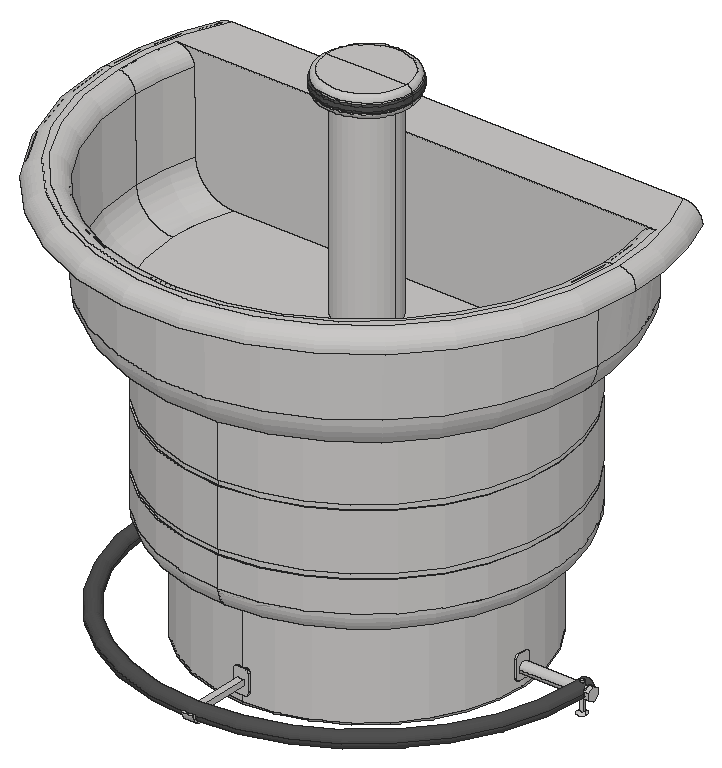
Revit family "Washfountain_Lavatory-Bradley_Corp-WF2703-Type_O_Drain", category Plumbing Fixtures, Revit 2012 (continued)
Lines and regions (in)
  symbolic lines, detail levels medium+fine
    curve 176: arc (-12.38828, -6.27314, 28) -> (0.21261, -20.22419, 28) -> (12.33075, -5.85182, 28) r 12.476
    curve 177: arc (-11.60696, -5.4365, 28) -> (-12.17933, -5.68512, 28) -> (-12.38828, -6.27314, 28) r 0.78315
    curve 178: arc (12.36654, -6.02898, 28) -> (12.08862, -5.60213, 28) -> (11.60696, -5.4365, 28) r 0.78315
    curve 179: line (-11.60696, -5.4365, 28) -> (11.60696, -5.4365, 28)
    curve 189: circle (0, -7.6967, 33.875) r 2.75 normal (0, 0, 1)
  symbolic lines, visible <- "Sensor Module"
    curve 41: line (-1.99987, -7.6967, 34.53462) -> (1.99987, -7.6967, 34.53462)
    curve 57: line (0, -5.6967, 34.53462) -> (0, -9.69657, 34.53462)
  symbolic lines, visible <- "Sensor Module", detail levels fine
    curve 42: line (-4.49987, -7.6967, 36.80962) -> (4.49987, -7.6967, 36.80962)
    curve 59: line (0, -3.1967, 36.80962) -> (0, -12.1967, 36.80962)
  symbolic lines, visible <- "Sensor Module", detail levels medium
    curve 43: line (-4.57537, -7.6967, 35.36012) -> (4.57537, -7.6967, 35.36012)
    curve 58: line (0, -3.12133, 35.36012) -> (0, -12.27207, 35.36012)
  symbolic lines, visible <- "Soap Dispenser", detail levels medium+fine
    curve 44: line (-6.13971, -7.6967, 41.37453) -> (6.13971, -7.6967, 41.37453)
    curve 60: line (0, -13.83546, 41.37453) -> (0, -5.4467, 41.37453)
    curve 185: line (-4.15684, -5.4467, 42.375) -> (-4.15684, -7.6967, 42.375)
    curve 186: arc (4.15684, -7.6967, 42.375) -> (0, -11.85353, 42.375) -> (-4.15684, -7.6967, 42.375) r 4.15684
    curve 187: line (4.15684, -5.4467, 42.375) -> (4.15684, -7.6967, 42.375)
  symbolic lines, visible <- "Soap Dispenser", detail levels fine
    curve 45: line (6.13971, -7.6967, 41.99971) -> (-6.13971, -7.6967, 41.99971)
    curve 46: line (-5.98301, -7.6967, 40.73265) -> (5.98301, -7.6967, 40.73265)
    curve 47: line (5.93039, -7.6967, 39.48265) -> (-5.93039, -7.6967, 39.48265)
    curve 48: line (-5.87777, -7.6967, 38.23265) -> (5.87777, -7.6967, 38.23265)
    curve 49: line (5.81, -7.6967, 36.98265) -> (-5.81, -7.6967, 36.98265)
    curve 61: line (0, -13.83546, 41.99971) -> (0, -5.4467, 41.99971)
    curve 62: line (0, -13.67876, 40.73265) -> (0, -5.4467, 40.73265)
    curve 63: line (0, -13.62614, 39.48265) -> (0, -5.4467, 39.48265)
    curve 64: line (0, -13.57352, 38.23265) -> (0, -5.4467, 38.23265)
    curve 65: line (0, -13.50574, 36.98265) -> (0, -5.4467, 36.98265)
  model lines, visible <- "Towel Dispenser", detail levels fine
    curve 79: spline (-9.02868, -6.55856, 48.62502) -> (-8.93498, -6.72086, 51.66615) -> (-8.66025, -7.1967, 54.50002) -> (-8.22323, -7.95365, 56.93353) -> (-7.65368, -8.94013, 58.80082) -> (-6.99044, -10.08891, 59.97465) -> (-6.27868, -11.3217, 60.37502) -> (-5.56693, -12.55449, 59.97465) -> (-4.90368, -13.70327, 58.80082) -> (-4.33414, -14.68975, 56.93353) -> (-3.89711, -15.4467, 54.50002) -> (-3.62239, -15.92254, 51.66615) -> (-3.52868, -16.08484, 48.62502)
    curve 80: spline (3.52868, -16.08484, 48.62502) -> (3.62239, -15.92254, 51.66615) -> (3.89711, -15.4467, 54.50002) -> (4.33414, -14.68975, 56.93353) -> (4.90368, -13.70327, 58.80082) -> (5.56693, -12.55449, 59.97465) -> (6.27868, -11.3217, 60.37502) -> (6.99044, -10.08891, 59.97465) -> (7.65368, -8.94013, 58.80082) -> (8.22323, -7.95365, 56.93353) -> (8.66025, -7.1967, 54.50002) -> (8.93498, -6.72086, 51.66615) -> (9.02868, -6.55856, 48.62502)
    curve 81: spline (4.50718, -14.39003, 51.22702) -> (4.52698, -14.35573, 51.2611) -> (4.54543, -14.32377, 51.361) -> (4.56128, -14.29633, 51.51992) -> (4.57344, -14.27528, 51.72702) -> (4.58108, -14.26204, 51.9682) -> (4.58368, -14.25752, 52.22702) -> (4.58108, -14.26204, 52.48584) -> (4.57344, -14.27528, 52.72702) -> (4.56128, -14.29633, 52.93413) -> (4.54543, -14.32377, 53.09305) -> (4.52698, -14.35573, 53.19295) -> (4.50718, -14.39003, 53.22702) -> (4.48738, -14.42432, 53.19295) -> (4.46893, -14.45628, 53.09305) -> (4.45309, -14.48372, 52.93413) -> (4.44093, -14.50478, 52.72702) -> (4.43329, -14.51801, 52.48584) -> (4.43068, -14.52253, 52.22702) -> (4.43329, -14.51801, 51.9682) -> (4.44093, -14.50478, 51.72702) -> (4.45309, -14.48372, 51.51992) -> (4.46893, -14.45628, 51.361) -> (4.48738, -14.42432, 51.2611) -> (4.50718, -14.39003, 51.22702)
    curve 82: spline (-8.05018, -8.25337, 51.22702) -> (-8.03038, -8.28766, 51.2611) -> (-8.01193, -8.31962, 51.361) -> (-7.99609, -8.34706, 51.51992) -> (-7.98393, -8.36812, 51.72702) -> (-7.97629, -8.38136, 51.9682) -> (-7.97368, -8.38587, 52.22702) -> (-7.97629, -8.38136, 52.48584) -> (-7.98393, -8.36812, 52.72702) -> (-7.99609, -8.34706, 52.93413) -> (-8.01193, -8.31962, 53.09305) -> (-8.03038, -8.28766, 53.19295) -> (-8.05018, -8.25337, 53.22702) -> (-8.06998, -8.21907, 53.19295) -> (-8.08843, -8.18712, 53.09305) -> (-8.10428, -8.15968, 52.93413) -> (-8.11644, -8.13862, 52.72702) -> (-8.12408, -8.12538, 52.48584) -> (-8.12668, -8.12087, 52.22702) -> (-8.12408, -8.12538, 51.9682) -> (-8.11644, -8.13862, 51.72702) -> (-8.10428, -8.15968, 51.51992) -> (-8.08843, -8.18712, 51.361) -> (-8.06998, -8.21907, 51.2611) -> (-8.05018, -8.25337, 51.22702)
  symbolic lines, visible <- "Towel Dispenser"
    curve 83: line (-2, -26.03001, 62.563) -> (2, -26.03001, 62.563)
    curve 84: line (-9.02868, -26.03001, 61.87567) -> (-3.52868, -26.03001, 61.87567)
    curve 85: line (-3.52868, -26.03001, 61.87567) -> (-0.06458, -26.03001, 62.563)
    curve 86: line (0.06458, -26.03001, 62.563) -> (3.52868, -26.03001, 61.87567)
    curve 87: line (3.52868, -26.03001, 61.87567) -> (9.02868, -26.03001, 61.87567)
    curve 88: line (3.52868, -26.03001, 61.87567) -> (3.52868, -26.03001, 48.62502)
    curve 89: line (3.52868, -26.03001, 48.62502) -> (9.02868, -26.03001, 48.62502)
    curve 90: line (3.52868, -26.03001, 48.62502) -> (1.58013, -26.03001, 47.25)
    curve 91: line (0.06458, -26.03001, 47.25) -> (0.06458, -26.03001, 62.563)
    curve 92: line (-0.06458, -26.03001, 62.563) -> (-0.06458, -26.03001, 47.25)
    curve 93: line (-9.02868, -26.03001, 48.62502) -> (-3.52868, -26.03001, 48.62502)
    curve 94: line (-3.52868, -26.03001, 48.62502) -> (-1.58013, -26.03001, 47.25)
    curve 95: line (-3.52868, -26.03001, 48.62502) -> (-3.52868, -26.03001, 61.87567)
    curve 108: line (0, -4.4467, 62.563) -> (0, -4.4467, 47.25)
    curve 109: line (0, -4.55856, 62.563) -> (0, -4.55856, 47.25)
    curve 110: line (0, -6.55856, 61.87567) -> (0, -4.55856, 62.563)
    curve 111: line (0, -6.55856, 48.62502) -> (0, -6.55856, 61.87567)
    curve 112: line (0, -6.55856, 61.87567) -> (0, -16.08484, 61.87567)
    curve 113: line (0, -5.6967, 62.563) -> (0, -9.6967, 62.563)
    curve 116: line (0, -5.43356, 47.25) -> (0, -6.55856, 48.62502)
    curve 117: line (0, -6.55856, 48.62502) -> (0, -16.08484, 48.62502)
    curve 123: line (-5.56458, 0, 62.563) -> (-5.56458, 0, 47.25)
    curve 124: line (5.56458, 0, 62.563) -> (5.56458, 0, 47.25)
    curve 125: line (-5.56458, 0, 61.87567) -> (5.56458, 0, 61.87567)
    curve 126: line (-5.56458, 0, 61.37567) -> (5.56458, 0, 61.37567)
    curve 127: line (-5.56458, 0, 48.8286) -> (5.56458, 0, 48.8286)
    curve 128: line (-5.56458, 0, 48.3286) -> (5.56458, 0, 48.3286)
    curve 129: line (-2, 0, 47.25) -> (-2, 0, 48.3286)
    curve 130: line (2.00013, 0, 47.25) -> (2.00013, 0, 48.3286)
    curve 131: line (2, 0, 48.8286) -> (2, 0, 61.37567)
    curve 132: line (2, 0, 61.87567) -> (2, 0, 62.563)
    curve 133: line (-2, 0, 62.563) -> (-2, 0, 61.87567)
    curve 134: line (-2, 0, 61.37567) -> (-2, 0, 48.8286)
    curve 135: line (-2, -26.03001, 47.25) -> (2.00013, -26.03001, 47.25)
    curve 181: line (-0.06458, -14.08484, 47.25) -> (-5.56458, -4.55856, 47.25)
    curve 182: line (5.56458, -4.55856, 47.25) -> (0.06458, -14.08484, 47.25)
    curve 184: circle (0, -7.6967, 47.25) r 2 normal (0, 0, 1)
  symbolic lines, visible <- "Towel Dispenser", detail levels fine
    curve 96: spline (-9.02868, -26.03001, 48.62502) -> (-8.93498, -26.03001, 51.66615) -> (-8.66025, -26.03001, 54.50002) -> (-8.22323, -26.03001, 56.93353) -> (-7.65368, -26.03001, 58.80082) -> (-6.99044, -26.03001, 59.97465) -> (-6.27868, -26.03001, 60.37502) -> (-5.56693, -26.03001, 59.97465) -> (-4.90368, -26.03001, 58.80082) -> (-4.33414, -26.03001, 56.93353) -> (-3.89711, -26.03001, 54.50002) -> (-3.62239, -26.03001, 51.66615) -> (-3.52868, -26.03001, 48.62502)
    curve 97: spline (3.52868, -26.03001, 48.62502) -> (3.62239, -26.03001, 51.66615) -> (3.89711, -26.03001, 54.50002) -> (4.33414, -26.03001, 56.93353) -> (4.90368, -26.03001, 58.80082) -> (5.56693, -26.03001, 59.97465) -> (6.27868, -26.03001, 60.37502) -> (6.99044, -26.03001, 59.97465) -> (7.65368, -26.03001, 58.80082) -> (8.22323, -26.03001, 56.93353) -> (8.66025, -26.03001, 54.50002) -> (8.93498, -26.03001, 51.66615) -> (9.02868, -26.03001, 48.62502)
    curve 98: spline (-8.05018, -26.03001, 51.22702) -> (-8.03038, -26.03001, 51.2611) -> (-8.01193, -26.03001, 51.361) -> (-7.99609, -26.03001, 51.51992) -> (-7.98393, -26.03001, 51.72702) -> (-7.97629, -26.03001, 51.9682) -> (-7.97368, -26.03001, 52.22702) -> (-7.97629, -26.03001, 52.48584) -> (-7.98393, -26.03001, 52.72702) -> (-7.99609, -26.03001, 52.93413) -> (-8.01193, -26.03001, 53.09305) -> (-8.03038, -26.03001, 53.19295) -> (-8.05018, -26.03001, 53.22702) -> (-8.06998, -26.03001, 53.19295) -> (-8.08843, -26.03001, 53.09305) -> (-8.10428, -26.03001, 52.93413) -> (-8.11644, -26.03001, 52.72702) -> (-8.12408, -26.03001, 52.48584) -> (-8.12668, -26.03001, 52.22702) -> (-8.12408, -26.03001, 51.9682) -> (-8.11644, -26.03001, 51.72702) -> (-8.10428, -26.03001, 51.51992) -> (-8.08843, -26.03001, 51.361) -> (-8.06998, -26.03001, 51.2611) -> (-8.05018, -26.03001, 51.22702)
    curve 99: spline (4.50718, -26.03001, 51.22702) -> (4.52698, -26.03001, 51.2611) -> (4.54543, -26.03001, 51.361) -> (4.56128, -26.03001, 51.51992) -> (4.57344, -26.03001, 51.72702) -> (4.58108, -26.03001, 51.9682) -> (4.58368, -26.03001, 52.22702) -> (4.58108, -26.03001, 52.48584) -> (4.57344, -26.03001, 52.72702) -> (4.56128, -26.03001, 52.93413) -> (4.54543, -26.03001, 53.09305) -> (4.52698, -26.03001, 53.19295) -> (4.50718, -26.03001, 53.22702) -> (4.48738, -26.03001, 53.19295) -> (4.46893, -26.03001, 53.09305) -> (4.45309, -26.03001, 52.93413) -> (4.44093, -26.03001, 52.72702) -> (4.43329, -26.03001, 52.48584) -> (4.43068, -26.03001, 52.22702) -> (4.43329, -26.03001, 51.9682) -> (4.44093, -26.03001, 51.72702) -> (4.45309, -26.03001, 51.51992) -> (4.46893, -26.03001, 51.361) -> (4.48738, -26.03001, 51.2611) -> (4.50718, -26.03001, 51.22702)
    curve 114: spline (0, -6.55856, 48.62502) -> (0, -6.72086, 51.66615) -> (0, -7.1967, 54.50002) -> (0, -7.95365, 56.93353) -> (0, -8.94013, 58.80082) -> (0, -10.08891, 59.97465) -> (0, -11.3217, 60.37502) -> (0, -12.55449, 59.97465) -> (0, -13.70327, 58.80082) -> (0, -14.68975, 56.93353) -> (0, -15.4467, 54.50002) -> (0, -15.92254, 51.66615) -> (0, -16.08484, 48.62502)
    curve 115: spline (0, -14.39003, 51.22702) -> (0, -14.35573, 51.2611) -> (0, -14.32377, 51.361) -> (0, -14.29633, 51.51992) -> (0, -14.27528, 51.72702) -> (0, -14.26204, 51.9682) -> (0, -14.25752, 52.22702) -> (0, -14.26204, 52.48584) -> (0, -14.27528, 52.72702) -> (0, -14.29633, 52.93413) -> (0, -14.32377, 53.09305) -> (0, -14.35573, 53.19295) -> (0, -14.39003, 53.22702) -> (0, -14.42432, 53.19295) -> (0, -14.45628, 53.09305) -> (0, -14.48372, 52.93413) -> (0, -14.50478, 52.72702) -> (0, -14.51801, 52.48584) -> (0, -14.52253, 52.22702) -> (0, -14.51801, 51.9682) -> (0, -14.50478, 51.72702) -> (0, -14.48372, 51.51992) -> (0, -14.45628, 51.361) -> (0, -14.42432, 51.2611) -> (0, -14.39003, 51.22702)
  symbolic lines, visible <- "Towel Dispenser", detail levels medium+fine
    curve 100: line (-7.85863, -26.03001, 48.3286) -> (-3.85863, -26.03001, 48.3286)
    curve 101: spline (-3.85863, -26.03001, 48.3286) -> (-3.74268, -26.03001, 48.31528) -> (-3.59687, -26.03001, 48.27621) -> (-3.43113, -26.03001, 48.21406) -> (-3.25676, -26.03001, 48.13306) -> (-3.08563, -26.03001, 48.03873) -> (-2.92941, -26.03001, 47.93751) -> (-2.79874, -26.03001, 47.83629) -> (-2.70254, -26.03001, 47.74197) -> (-2.64735, -26.03001, 47.66097) -> (-2.63694, -26.03001, 47.59882) -> (-2.67201, -26.03001, 47.55975) -> (-2.75019, -26.03001, 47.54642)
    curve 102: line (-2.75019, -26.03001, 47.54642) -> (-6.75019, -26.03001, 47.54642)
    curve 103: spline (-6.75019, -26.03001, 47.54642) -> (-6.86613, -26.03001, 47.55975) -> (-7.01194, -26.03001, 47.59882) -> (-7.17768, -26.03001, 47.66097) -> (-7.35206, -26.03001, 47.74197) -> (-7.52319, -26.03001, 47.83629) -> (-7.67941, -26.03001, 47.93751) -> (-7.81007, -26.03001, 48.03873) -> (-7.90628, -26.03001, 48.13306) -> (-7.96146, -26.03001, 48.21406) -> (-7.97187, -26.03001, 48.27621) -> (-7.9368, -26.03001, 48.31528) -> (-7.85863, -26.03001, 48.3286)
    curve 104: line (7.85863, -26.03001, 48.3286) -> (3.85863, -26.03001, 48.3286)
    curve 105: spline (3.85863, -26.03001, 48.3286) -> (3.74268, -26.03001, 48.31528) -> (3.59687, -26.03001, 48.27621) -> (3.43113, -26.03001, 48.21406) -> (3.25676, -26.03001, 48.13306) -> (3.08563, -26.03001, 48.03873) -> (2.92941, -26.03001, 47.93751) -> (2.79874, -26.03001, 47.83629) -> (2.70254, -26.03001, 47.74197) -> (2.64735, -26.03001, 47.66097) -> (2.63694, -26.03001, 47.59882) -> (2.67201, -26.03001, 47.55975) -> (2.75019, -26.03001, 47.54642)
    curve 106: line (2.75019, -26.03001, 47.54642) -> (6.75019, -26.03001, 47.54642)
    curve 107: spline (6.75019, -26.03001, 47.54642) -> (6.86613, -26.03001, 47.55975) -> (7.01194, -26.03001, 47.59882) -> (7.17768, -26.03001, 47.66097) -> (7.35206, -26.03001, 47.74197) -> (7.52319, -26.03001, 47.83629) -> (7.67941, -26.03001, 47.93751) -> (7.81007, -26.03001, 48.03873) -> (7.90628, -26.03001, 48.13306) -> (7.96146, -26.03001, 48.21406) -> (7.97187, -26.03001, 48.27621) -> (7.9368, -26.03001, 48.31528) -> (7.85863, -26.03001, 48.3286)
    curve 118: spline (0, -7.61507, 48.3286) -> (0, -7.43606, 48.31528) -> (0, -7.24745, 48.27621) -> (0, -7.06208, 48.21406) -> (0, -6.89258, 48.13306) -> (0, -6.75052, 48.03873) -> (0, -6.64558, 47.93751) -> (0, -6.58489, 47.83629) -> (0, -6.57261, 47.74197) -> (0, -6.60956, 47.66097) -> (0, -6.69323, 47.59882) -> (0, -6.81791, 47.55975) -> (0, -6.97512, 47.54642)
    curve 119: line (0, -6.97512, 47.54642) -> (0, -13.90332, 47.54642)
    curve 120: spline (0, -13.90332, 47.54642) -> (0, -14.08233, 47.55975) -> (0, -14.27095, 47.59882) -> (0, -14.45632, 47.66097) -> (0, -14.62581, 47.74197) -> (0, -14.76787, 47.83629) -> (0, -14.87282, 47.93751) -> (0, -14.9335, 48.03873) -> (0, -14.94579, 48.13306) -> (0, -14.90884, 48.21406) -> (0, -14.82517, 48.27621) -> (0, -14.70048, 48.31528) -> (0, -14.54328, 48.3286)
    curve 121: line (0, -14.54328, 48.3286) -> (0, -7.61507, 48.3286)
    curve 180: line (-7.08013, -5.43356, 47.25) -> (-1.58013, -14.95984, 47.25)
    curve 183: line (1.58013, -14.95984, 47.25) -> (7.08013, -5.43356, 47.25)
  model lines, detail levels medium+fine
    curve 137: circle (4, -7.6967, 19.06097) r 1.25 normal (0, 0, 1)
    curve 193: circle (4, -7.6967, 19.12) r 1.25 normal (0, 0, 1)
  symbolic lines, visible <- "Foot Control Valve", detail levels fine
    curve 155: line (0, -7.5767, 0.1445) -> (0, -7.8167, 0.1445)
    curve 156: circle (0, -7.75001, 1.425) r 0.36122 normal (1, 0, 0)
    curve 157: line (0, -7.5767, 1.99999) -> (0, -7.8167, 1.99999)
    curve 158: line (0, -7.8167, 1.99999) -> (0, -7.8167, 1.9244)
    curve 159: line (0, -7.5767, 1.99999) -> (0, -7.5767, 1.9244)
    curve 160: line (0, -7.5767, 0.67154) -> (0, -7.5767, 0.92558)
    curve 161: line (0, -7.8167, 0.67154) -> (0, -7.8167, 0.92558)
    curve 164: line (-15.01563, 0, 1.7965) -> (-15.01563, 0, 1.0535)
    curve 165: line (-15.32813, 0, 1.63949) -> (-15.01563, 0, 1.63949)
    curve 166: line (-15.32813, 0, 1.21051) -> (-15.01563, 0, 1.21051)
    curve 167: line (-14.69813, 0, 0.1445) -> (-14.45813, 0, 0.1445)
    curve 168: line (15.04349, 0, 1.63948) -> (15.37923, 0, 1.63948)
    curve 169: line (15.04349, 0, 1.79649) -> (15.04349, 0, 1.05349)
    curve 170: line (15.04349, 0, 1.21051) -> (15.37923, 0, 1.21051)
    curve 171: line (14.45813, 0, 0.1445) -> (14.69813, 0, 0.1445)
    curve 190: line (-0.40046, -27.53001, 0.92558) -> (-0.40046, -27.53001, 0.82558)
    curve 191: line (-0.40046, -27.53001, 0.82558) -> (0.4, -27.53001, 0.82558)
    curve 192: line (0.4, -27.53001, 0.82558) -> (0.4, -27.53001, 0.92558)
  symbolic lines, visible <- "Foot Control Valve", detail levels coarse+medium
    curve 162: line (-0.40046, -26.03001, 0.92558) -> (0.4, -26.03001, 0.92558)
  symbolic lines, visible <- "Sensor Module", detail levels medium+fine
    curve 188: circle (0, -7.6967, 37.375) r 3.75 normal (0, 0, 1)
  symbolic lines, visible <- "Button Visibility"
    curve 196: circle (0, -27.53001, 36.08487) r 0.5 normal (0, -1, 0)
Dimensions and locks (in)
  equal spacing: plane 4 "Left", plane 3 "Center (Left/Right)", plane 5 "Right"
  "Width": plane 4 "Left" to plane 5 "Right"
  "Towel Dispenser Height": plane 6 "Towel Dispenser" to plane 2
  "Soap Dispenser Height": plane 7 "Soap Dispenser" to plane 2
  "Sensor Module Height": plane 8 "Sensor Module" to plane 2
  "Spray Head Height": plane 9 "Spray Head" to plane 2
  "Rim Height": plane 10 "Rim Height" to plane 2
  "Pedestal Height": plane 11 "Pedestal Height" to plane 2
  locked: plane 9 "Spray Head" to Revolve 7 sketch curve at 1.38963
  locked: plane 9 "Spray Head" to Revolve 8 sketch curve at 1.38963
  locked: plane 9 "Spray Head" to Masking region 1 sketch curve at 1.38963  (x2)
  locked: plane 9 "Spray Head" to Masking region 2 sketch curve at 1.38963  (x2)
  locked: plane 8 "Sensor Module" to Revolve 9 sketch curve at 2.84038
  locked: plane 8 "Sensor Module" to Revolve 10 sketch curve at 2.84038
  locked: plane 8 "Sensor Module" to Masking region 3 sketch curve at 2.84038  (x2)
  locked: plane 8 "Sensor Module" to Masking region 4 sketch curve at 2.84038  (x2)
  locked: plane 7 "Soap Dispenser" to plane 13 at 6
  locked: plane 8 "Sensor Module" to Masking region 10 sketch curve at 2.84038  (x2)
  locked: plane 8 "Sensor Module" to Masking region 9 sketch curve at 2.84038  (x2)
  locked: plane 14 "Front" to plane 1 "Center (Front/Back)" at 26.03001
  locked: curve 76 to Extrusion 16 sketch curve at 15.313
  locked: curve 76 to Extrusion 16 sketch curve at 15.16279
  locked: Extrusion 16 sketch curve to curve 76 at 4
  locked: Extrusion 16 sketch curve to Extrusion 16 sketch curve at 1.37502
  locked: curve 77 to Extrusion 17 sketch curve at 4
  locked: curve 77 to Extrusion 17 sketch curve at 15.313
  locked: curve 77 to Extrusion 17 sketch curve at 15.16279
  locked: Extrusion 17 sketch curve to Extrusion 17 sketch curve at 1.37502
  locked: Extrusion 19 to Extrusion 16 at 1
  "Towel Dispenser Holder": plane 6 "Towel Dispenser" to Extrusion 19
  "Soap Dispenser Holder": plane 13 to Extrusion 20
  "Towel Dispenser Holder": plane 6 "Towel Dispenser" to Masking region 21
  "Soap Dispenser Holder": plane 13 to Masking region 22
  "Towel Dispenser Holder": plane 6 "Towel Dispenser" to Masking region 24
  "Soap Dispenser Holder": Masking region 23 to plane 13
  locked: Extrusion 36 sketch curve to plane 1 "Center (Front/Back)" at 7.75
  locked: Extrusion 36 to plane 2 at 3
  locked: plane 1 "Center (Front/Back)" to Extrusion 37 at 3
  "Supply Height": Extrusion 35 to plane 2
  locked: plane 7 "Soap Dispenser" to Revolve 12 sketch curve at 1.00047
  locked: plane 7 "Soap Dispenser" to Extrusion 14 sketch curve at 1.00047
  locked: plane 7 "Soap Dispenser" to Revolve 39 sketch curve at 1.00047
  locked: plane 7 "Soap Dispenser" to Extrusion 40 sketch curve at 1.00047
  locked: plane 8 "Sensor Module" to Extrusion 41 sketch curve at 1.29013
  locked: plane 8 "Sensor Module" to Extrusion 42 sketch curve at 1.29013
  locked: plane 8 "Sensor Module" to curve 196 at 1.29013
  Extrusion 35 sketch curve to plane 3 "Center (Left/Right)" to Extrusion 35 sketch curve = 0.875" locked, 0.875" locked
  locked: Extrusion 35 sketch curve to plane 1 "Center (Front/Back)" at 6.5  (x2)
  locked: plane 3 "Center (Left/Right)" to Extrusion 36 sketch curve at 4
  locked: Extrusion 46 sketch curve to plane 3 "Center (Left/Right)" at 4
  "Drain Height": Extrusion 46 sketch curve to plane 2
  locked: plane 1 "Center (Front/Back)" to Extrusion 46 at 3
  radius of Extrusion 19 sketch curve = 2.000"
  radius of Extrusion 20 sketch curve = 2.000"
  "Drain Primary Radius": radius of Extrusion 36 sketch curve
  "Hot Lavatory Inlet Radius": radius of Extrusion 35 sketch curve
  "Cold Lavatory Inlet Radius": radius of Extrusion 35 sketch curve
  "Drain Primary Radius": radius of Extrusion 46 sketch curve
  aligned and locked: Extrusion 2 sketch curve to plane 1 "Center (Front/Back)"
  aligned and locked: Extrusion 2 to plane 2
  aligned and locked: plane 9 "Spray Head" to Extrusion 2
  aligned and locked: plane 12 to Revolve 4 sketch curve
  aligned and locked: plane 12 to Revolve 5 sketch curve
  aligned and locked: plane 12 to Revolve 6 sketch curve
  aligned and locked: Revolve 7 sketch curve to plane 3 "Center (Left/Right)"
  aligned and locked: Revolve 8 sketch curve to plane 3 "Center (Left/Right)"
  aligned and locked: plane 11 "Pedestal Height" to Revolve 7 sketch curve
  aligned and locked: Revolve 7 sketch curve to plane 9 "Spray Head"
  aligned and locked: Revolve 8 sketch curve to plane 11 "Pedestal Height"
  aligned and locked: Masking region 1 sketch curve to plane 10 "Rim Height"
  aligned and locked: Masking region 2 sketch curve to plane 10 "Rim Height"
  aligned and locked: Masking region 2 sketch curve to plane 9 "Spray Head"
  aligned and locked: Revolve 9 sketch curve to plane 8 "Sensor Module"
  aligned and locked: Revolve 9 sketch curve to plane 9 "Spray Head"
  aligned and locked: Revolve 9 sketch curve to plane 3 "Center (Left/Right)"
  aligned and locked: Revolve 10 sketch curve to plane 3 "Center (Left/Right)"
  aligned and locked: Revolve 10 sketch curve to plane 9 "Spray Head"
  aligned and locked: Masking region 3 sketch curve to plane 9 "Spray Head"
  aligned and locked: Masking region 4 sketch curve to plane 9 "Spray Head"
  aligned and locked: Masking region 4 sketch curve to plane 8 "Sensor Module"
  aligned and locked: Revolve 11 sketch curve to plane 7 "Soap Dispenser"
  aligned and locked: plane 13 to Revolve 11 sketch curve
  aligned and locked: Revolve 11 sketch curve to plane 3 "Center (Left/Right)"
  aligned and locked: Revolve 12 sketch curve to plane 3 "Center (Left/Right)"
  aligned and locked: Masking region 5 sketch curve to plane 7 "Soap Dispenser"
  aligned and locked: Masking region 5 sketch curve to plane 13
  aligned and locked: Masking region 6 sketch curve to plane 7 "Soap Dispenser"
  aligned and locked: plane 13 to Masking region 6 sketch curve
  aligned and locked: Extrusion 13 sketch curve to plane 7 "Soap Dispenser"
  aligned and locked: plane 13 to Extrusion 13 sketch curve
  aligned and locked: plane 13 to Extrusion 14 sketch curve
  aligned and locked: plane 9 "Spray Head" to Masking region 9 sketch curve
  aligned and locked: Masking region 9 sketch curve to plane 8 "Sensor Module"
  aligned and locked: Masking region 10 sketch curve to plane 8 "Sensor Module"
  aligned and locked: Masking region 10 sketch curve to plane 9 "Spray Head"
  aligned and locked: Masking region 11 sketch curve to plane 10 "Rim Height"
  aligned and locked: Masking region 11 sketch curve to plane 9 "Spray Head"
  aligned and locked: Masking region 12 sketch curve to plane 10 "Rim Height"
  aligned and locked: Masking region 15 sketch curve to plane 11 "Pedestal Height"
  aligned and locked: Masking region 15 sketch curve to plane 2
  aligned and locked: Masking region 16 sketch curve to plane 11 "Pedestal Height"
  aligned and locked: Masking region 16 sketch curve to plane 2
  aligned and locked: Masking region 17 sketch curve to plane 10 "Rim Height"
  aligned and locked: Masking region 17 sketch curve to plane 11 "Pedestal Height"
  aligned and locked: Masking region 18 sketch curve to plane 10 "Rim Height"
  aligned and locked: plane 11 "Pedestal Height" to Masking region 18 sketch curve
  aligned and locked: Masking region 19 sketch curve to plane 11 "Pedestal Height"
  aligned and locked: plane 2 to Masking region 19 sketch curve
  aligned and locked: Masking region 20 sketch curve to plane 11 "Pedestal Height"
  aligned and locked: plane 2 to Masking region 20 sketch curve
  aligned and locked: plane 12 to Extrusion 15 sketch curve
  aligned and locked: plane 3 "Center (Left/Right)" to Extrusion 15 sketch curve
  aligned and locked: plane 12 to Extrusion 18 sketch curve
  aligned and locked: plane 3 "Center (Left/Right)" to Extrusion 18 sketch curve
  aligned and locked: plane 12 to Extrusion 19 sketch curve
  aligned and locked: plane 3 "Center (Left/Right)" to Extrusion 19 sketch curve
  aligned and locked: plane 12 to Extrusion 20 sketch curve
  aligned and locked: plane 3 "Center (Left/Right)" to Extrusion 20 sketch curve
  aligned and locked: Extrusion 20 to plane 13
  aligned and locked: plane 6 "Towel Dispenser" to Masking region 21
  aligned and locked: Masking region 22 to plane 13
  aligned and locked: plane 13 to Masking region 23
  aligned and locked: Masking region 24 to plane 6 "Towel Dispenser"
  aligned and locked: Extrusion 22 to plane 11 "Pedestal Height"
  aligned and locked: plane 2 to Blend 30
  aligned and locked: Blend 29 to plane 2
  aligned and locked: Blend 30 to Extrusion 28
  aligned and locked: plane 12 to Masking region 32 sketch curve
  aligned and locked: plane 3 "Center (Left/Right)" to Masking region 32 sketch curve
  aligned and locked: plane 3 "Center (Left/Right)" to curve 184
  aligned and locked: plane 12 to curve 184
  aligned and locked: plane 3 "Center (Left/Right)" to Masking region 35 sketch curve
  aligned and locked: plane 12 to Masking region 35 sketch curve
  aligned and locked: plane 12 to curve 188
  aligned and locked: plane 3 "Center (Left/Right)" to curve 188
  aligned and locked: plane 12 to Masking region 36 sketch curve
  aligned and locked: plane 3 "Center (Left/Right)" to Masking region 36 sketch curve
  aligned and locked: plane 12 to curve 189
  aligned and locked: plane 3 "Center (Left/Right)" to curve 189
  aligned and locked: Extrusion 35 to plane 2
  aligned and locked: Extrusion 36 to plane 2
  aligned and locked: Extrusion 37 to plane 1 "Center (Front/Back)"
  aligned and locked: Revolve 39 sketch curve to plane 3 "Center (Left/Right)"
  aligned and locked: plane 3 "Center (Left/Right)" to Extrusion 41 sketch curve
  aligned and locked: plane 3 "Center (Left/Right)" to Extrusion 42 sketch curve
  aligned and locked: Extrusion 41 to Masking region 9
  aligned and locked: Masking region 9 to Extrusion 42
  aligned and locked: Extrusion 42 to Masking region 10
  aligned and locked: Masking region 10 to Masking region 38 sketch curve
  aligned and locked: Masking region 38 sketch curve to Masking region 9
  aligned and locked: Sweep 1 sketch curve to plane 11 "Pedestal Height"
  aligned and locked: plane 11 "Pedestal Height" to Sweep 3 sketch curve
  aligned and locked: Masking region 15 sketch curve to cut or joined group of Extrusion 2, Revolve 4  (x5)
  aligned and locked: cut or joined group of Extrusion 2, Revolve 4 to Masking region 15 sketch curve  (x3)
  aligned and locked: cut or joined group of Extrusion 2, Revolve 4 to curve 29
  aligned and locked: cut or joined group of Extrusion 2, Revolve 4 to curve 27
  aligned and locked: cut or joined group of Extrusion 2, Revolve 4 to curve 32
  aligned and locked: cut or joined group of Extrusion 2, Revolve 4 to curve 30
  aligned and locked: cut or joined group of Extrusion 2, Revolve 4 to Masking region 20 sketch curve  (x3)
  aligned and locked: Masking region 20 sketch curve to cut or joined group of Extrusion 2, Revolve 4
  aligned and locked: cut or joined group of Extrusion 2, Revolve 4 to cut or joined group of Extrusion 2, Revolve 4  (x4)
  aligned and locked: curve 33 to cut or joined group of Extrusion 2, Sweep 3, Extrusion 22, Extrusion 43
  aligned and locked: cut or joined group of Extrusion 2, Sweep 3, Extrusion 22, Extrusion 43 to curve 24
  aligned and locked: Extrusion 46 to plane 1 "Center (Front/Back)"
Automatic sketch dimensions
  curve 163 to plane 3 "Center (Left/Right)" = 1.500"
  plane 3 "Center (Left/Right)" to curve 163 = 1.500"
  curve 163 to plane 14 "Front" = 1.500"
  curve 1 to plane 1 "Center (Front/Back)" = 0.000"
  curve 2 to plane 3 "Center (Left/Right)" = 0.000"
  plane 3 "Center (Left/Right)" to curve 1 = 3.000"
  curve 1 to plane 3 "Center (Left/Right)" = 3.000"
  curve 2 to plane 1 "Center (Front/Back)" = 3.000"
  plane 1 "Center (Front/Back)" to curve 2 = 3.000"
  curve 3 to plane 12 = 0.000"
  curve 4 to plane 3 "Center (Left/Right)" = 0.000"
  plane 3 "Center (Left/Right)" to curve 3 = 3.000"
  curve 3 to plane 3 "Center (Left/Right)" = 3.000"
  plane 12 to curve 4 = 3.000"
  curve 4 to plane 12 = 3.000"
  curve 7 to plane 12 = 0.000"
  curve 8 to plane 3 "Center (Left/Right)" = 0.000"
  plane 3 "Center (Left/Right)" to curve 7 = 3.000"
  curve 7 to plane 3 "Center (Left/Right)" = 3.000"
  plane 12 to curve 8 = 3.000"
  curve 8 to plane 12 = 3.000"
  curve 122 to plane 1 "Center (Front/Back)" = 0.000"
  curve 9 to plane 12 = 0.000"
  curve 136 to plane 14 "Front" = 0.000"
  curve 10 to plane 3 "Center (Left/Right)" = 0.000"
  plane 3 "Center (Left/Right)" to curve 77 = 0.06458"
  plane 3 "Center (Left/Right)" to curve 136 = 3.000"
  plane 3 "Center (Left/Right)" to curve 9 = 3.000"
  plane 3 "Center (Left/Right)" to curve 122 = 3.000"
  curve 78 to curve 9 = 2.500"
  curve 77 to curve 78 = 0.06458"
  curve 76 to plane 3 "Center (Left/Right)" = 0.06458"
  curve 122 to plane 3 "Center (Left/Right)" = 3.000"
  curve 9 to plane 3 "Center (Left/Right)" = 3.000"
  curve 136 to plane 3 "Center (Left/Right)" = 3.000"
  curve 9 to curve 78 = 2.500"
  curve 78 to curve 76 = 0.06458"
  plane 12 to curve 78 = 3.250"
  curve 78 to curve 76 = 0.11186"
  curve 78 to curve 77 = 0.11186"
  plane 12 to curve 10 = 3.000"
  curve 10 to plane 12 = 3.000"
  curve 10 to curve 76 = 3.38814"
  curve 77 to curve 76 = 0.000"
  curve 12 to plane 1 "Center (Front/Back)" = 0.000"
  curve 11 to plane 3 "Center (Left/Right)" = 0.000"
  plane 3 "Center (Left/Right)" to curve 12 = 3.000"
  curve 12 to plane 3 "Center (Left/Right)" = 3.000"
  curve 11 to plane 1 "Center (Front/Back)" = 3.000"
  plane 1 "Center (Front/Back)" to curve 11 = 3.000"
  curve 138 to curve 139 = 0.000"
  curve 138 to curve 140 = 0.000"  (x2)
  curve 139 to curve 140 = 0.000"
  curve 145 to plane 12 = 0.000"
  curve 140 to plane 12 = 0.000"
  curve 141 to plane 12 = 0.000"
  curve 13 to plane 3 "Center (Left/Right)" = 0.000"
  plane 3 "Center (Left/Right)" to curve 141 = 3.12229"
  curve 148 to curve 141 = 0.25708"
  curve 142 to curve 141 = 0.25708"
  curve 138 to curve 142 = 0.62063"
  curve 143 to curve 142 = 0.62063"
  curve 147 to curve 148 = 0.62063"
  curve 146 to curve 147 = 0.62063"
  curve 144 to curve 143 = 0.62063"
  curve 145 to curve 144 = 0.25708"
  plane 12 to curve 144 = 0.62063"
  plane 12 to curve 142 = 0.62063"
  curve 143 to curve 142 = 0.25708"
  curve 13 to plane 12 = 0.0533"
  curve 148 to plane 12 = 0.62063"
  curve 146 to plane 12 = 0.62063"
  curve 148 to curve 147 = 0.25708"
  Extrusion 2 sketch curve to plane 5 "Right" = 0.000"
  Extrusion 2 sketch curve to plane 4 "Left" = 0.000"
  Extrusion 2 sketch curve to plane 1 "Center (Front/Back)" = 14.000"
  Revolve 4 sketch curve to plane 11 "Pedestal Height" = 0.000"
  Revolve 4 sketch curve to plane 12 = 0.000"
  plane 14 "Front" to Revolve 4 sketch curve = 7.31091"
  plane 14 "Front" to Revolve 4 sketch curve = 5.86393"
  Revolve 4 sketch curve to Revolve 4 sketch curve = 1.45168"
  Revolve 4 sketch curve to Revolve 4 sketch curve = 0.08393"  (x2)
  Revolve 4 sketch curve to Revolve 4 sketch curve = 1.53091"
  Revolve 4 sketch curve to plane 11 "Pedestal Height" = 4.46462"
  Revolve 4 sketch curve to Revolve 4 sketch curve = 0.375"  (x2)
  Revolve 4 sketch curve to Revolve 4 sketch curve = 3.8125"
  Revolve 4 sketch curve to Revolve 4 sketch curve = 2.08309"
  Revolve 4 sketch curve to level = 3.07853"
  plane 11 "Pedestal Height" to Revolve 4 sketch curve = 3.47247"
  Revolve 5 sketch curve to plane 11 "Pedestal Height" = 0.000"
  Revolve 5 sketch curve to plane 12 = 0.000"
  plane 14 "Front" to Revolve 5 sketch curve = 5.780"
  level to Revolve 5 sketch curve = 6.35887"
  Revolve 5 sketch curve to level = 1.551"
  plane 11 "Pedestal Height" to Revolve 5 sketch curve = 3.000"
  Revolve 6 sketch curve to level = 0.000"
  Revolve 6 sketch curve to plane 12 = 0.000"
  plane 14 "Front" to Revolve 6 sketch curve = 8.05596"
  Revolve 6 sketch curve to Revolve 6 sketch curve = 0.07241"
  Revolve 6 sketch curve to Revolve 6 sketch curve = 0.1416"
  Revolve 6 sketch curve to Revolve 6 sketch curve = 3.2954"
  Revolve 6 sketch curve to Revolve 6 sketch curve = 5.90435"
  level to Revolve 6 sketch curve = 6.35887"
  Revolve 6 sketch curve to Revolve 6 sketch curve = 5.09572"
  Revolve 7 sketch curve to Revolve 7 sketch curve = 0.000"  (x3)
  curve 3 to Revolve 7 sketch curve = 1.00013"
  curve 3 to Revolve 7 sketch curve = 0.31013"  (x2)
  Revolve 7 sketch curve to curve 3 = 0.03112"  (x2)
  Revolve 7 sketch curve to curve 3 = 0.03487"  (x3)
  Revolve 7 sketch curve to Revolve 7 sketch curve = 0.09375"
  Revolve 7 sketch curve to Revolve 7 sketch curve = 1.74493"
  Revolve 7 sketch curve to curve 3 = 0.94456"
  Revolve 7 sketch curve to curve 3 = 0.53838"
  Revolve 7 sketch curve to Revolve 7 sketch curve = 0.00037"
  Revolve 7 sketch curve to curve 3 = 0.38012"
  curve 3 to Revolve 8 sketch curve = 1.00013"
  curve 3 to Revolve 8 sketch curve = 0.31085"
  Revolve 8 sketch curve to curve 3 = 0.00012"
  curve 3 to Revolve 8 sketch curve = 0.31013"
  Revolve 8 sketch curve to curve 3 = 0.12487"
  Revolve 8 sketch curve to Revolve 8 sketch curve = 0.000"
  curve 3 to Revolve 8 sketch curve = 1.84143"
  Revolve 8 sketch curve to curve 3 = 0.94456"
  Revolve 8 sketch curve to curve 3 = 0.44471"
  Revolve 8 sketch curve to Revolve 8 sketch curve = 0.40845"
  Masking region 1 sketch curve to curve 3 = 0.000"
  Masking region 1 sketch curve to curve 3 = 0.12487"
  Masking region 1 sketch curve to curve 3 = 0.03487"  (x2)
  Masking region 1 sketch curve to Masking region 1 sketch curve = 0.000"  (x5)
  Masking region 1 sketch curve to curve 3 = 0.03112"  (x2)
  curve 3 to Masking region 1 sketch curve = 0.31013"  (x2)
  Masking region 1 sketch curve to Masking region 1 sketch curve = 0.690"
  Masking region 1 sketch curve to curve 3 = 0.99987"
  Masking region 1 sketch curve to curve 3 = 0.31013"  (x2)
  curve 3 to Masking region 1 sketch curve = 0.03112"  (x2)
  curve 3 to Masking region 1 sketch curve = 0.03487"  (x3)
  Masking region 1 sketch curve to Masking region 1 sketch curve = 0.09375"
  Masking region 1 sketch curve to curve 3 = 0.94456"  (x2)
  Masking region 1 sketch curve to curve 3 = 0.53838"  (x2)
  Masking region 1 sketch curve to Masking region 1 sketch curve = 0.00037"  (x2)
  Masking region 2 sketch curve to curve 3 = 0.12487"
  curve 3 to Masking region 2 sketch curve = 0.31001"
  curve 3 to Masking region 2 sketch curve = 0.31085"
  Masking region 2 sketch curve to Masking region 2 sketch curve = 0.68928"
  Masking region 2 sketch curve to curve 3 = 0.99987"
  Masking region 2 sketch curve to curve 3 = 0.31085"
  Masking region 2 sketch curve to curve 3 = 0.31001"
  curve 3 to Masking region 2 sketch curve = 0.12487"
  Masking region 2 sketch curve to curve 3 = 0.94456"  (x2)
  Masking region 2 sketch curve to curve 3 = 0.44471"  (x2)
  Revolve 9 sketch curve to Revolve 9 sketch curve = 0.000"
  curve 5 to Revolve 9 sketch curve = 1.00013"
  curve 5 to Revolve 9 sketch curve = 0.90513"
  Revolve 9 sketch curve to curve 5 = 0.64632"
  Revolve 9 sketch curve to Revolve 9 sketch curve = 0.17651"  (x2)
  Revolve 9 sketch curve to Revolve 9 sketch curve = 0.60355"  (x2)
  curve 5 to Revolve 9 sketch curve = 0.34075"
  Revolve 9 sketch curve to curve 5 = 1.44037"
  Revolve 9 sketch curve to Revolve 9 sketch curve = 0.0128"
  curve 5 to Revolve 9 sketch curve = 0.2063"
  Revolve 9 sketch curve to Revolve 9 sketch curve = 0.00295"
  Revolve 9 sketch curve to Revolve 9 sketch curve = 0.0595"
  Revolve 9 sketch curve to Revolve 9 sketch curve = 0.0755"
  Revolve 9 sketch curve to Revolve 9 sketch curve = 2.90339"
  Revolve 9 sketch curve to Revolve 9 sketch curve = 0.07296"
  Revolve 9 sketch curve to Revolve 9 sketch curve = 0.22463"
  Revolve 9 sketch curve to curve 5 = 1.72461"
  Revolve 10 sketch curve to curve 5 = 0.000"
  Revolve 10 sketch curve to Revolve 10 sketch curve = 0.000"
  curve 5 to Revolve 10 sketch curve = 1.00013"
  Revolve 10 sketch curve to curve 5 = 0.74987"
  Revolve 10 sketch curve to Revolve 10 sketch curve = 0.8255"  (x2)
  Revolve 10 sketch curve to Revolve 10 sketch curve = 2.95513"
  Revolve 10 sketch curve to curve 5 = 1.42287"
  Masking region 3 sketch curve to curve 5 = 0.000"
  Masking region 3 sketch curve to curve 5 = 1.57537"
  Masking region 3 sketch curve to curve 5 = 0.74987"
  curve 5 to Masking region 3 sketch curve = 1.00013"
  Masking region 3 sketch curve to curve 5 = 1.00013"
  curve 5 to Masking region 3 sketch curve = 0.74987"
  curve 5 to Masking region 3 sketch curve = 1.57537"
  Masking region 3 sketch curve to Masking region 3 sketch curve = 0.8255"  (x2)
  Masking region 4 sketch curve to curve 5 = 1.57537"
  Masking region 4 sketch curve to Masking region 4 sketch curve = 0.0755"
  curve 5 to Masking region 4 sketch curve = 0.2063"  (x2)
  Masking region 4 sketch curve to Masking region 4 sketch curve = 0.11925"
  Masking region 4 sketch curve to Masking region 4 sketch curve = 0.00295"  (x2)
  Masking region 4 sketch curve to Masking region 4 sketch curve = 0.135"  (x2)
  Masking region 4 sketch curve to Masking region 4 sketch curve = 0.07349"  (x2)
  Masking region 4 sketch curve to Masking region 4 sketch curve = 0.17651"  (x4)
  Masking region 4 sketch curve to curve 5 = 0.82283"
  curve 5 to Masking region 4 sketch curve = 0.90513"
  curve 5 to Masking region 4 sketch curve = 1.00013"
  Masking region 4 sketch curve to curve 5 = 1.00013"
  Masking region 4 sketch curve to curve 5 = 0.90513"
  curve 5 to Masking region 4 sketch curve = 0.64632"
  Masking region 4 sketch curve to Masking region 4 sketch curve = 0.60355"  (x3)
  curve 5 to Masking region 4 sketch curve = 0.34075"
  curve 5 to Masking region 4 sketch curve = 1.44037"
  Masking region 4 sketch curve to Masking region 4 sketch curve = 0.0128"
  Masking region 4 sketch curve to Masking region 4 sketch curve = 0.07296"  (x2)
  Masking region 4 sketch curve to Masking region 4 sketch curve = 0.22463"
  Masking region 4 sketch curve to Masking region 4 sketch curve = 0.35908"
  Masking region 4 sketch curve to Masking region 4 sketch curve = 0.13445"
  Revolve 11 sketch curve to Revolve 11 sketch curve = 0.000"
  Revolve 11 sketch curve to curve 7 = 0.76826"
  Revolve 11 sketch curve to curve 7 = 1.15684"
  Revolve 11 sketch curve to Revolve 11 sketch curve = 2.04174"
  Revolve 11 sketch curve to Revolve 11 sketch curve = 0.06777"
  Revolve 11 sketch curve to Revolve 11 sketch curve = 0.05262"  (x2)
  Revolve 11 sketch curve to Revolve 11 sketch curve = 0.03107"
  Revolve 11 sketch curve to Revolve 11 sketch curve = 0.12563"
  Revolve 11 sketch curve to curve 7 = 7.47908"
  Revolve 11 sketch curve to Revolve 11 sketch curve = 1.50843"
  Revolve 11 sketch curve to Revolve 11 sketch curve = 0.60765"
  Revolve 11 sketch curve to Revolve 11 sketch curve = 1.250"  (x3)
  Revolve 11 sketch curve to Revolve 11 sketch curve = 0.62518"
  Revolve 11 sketch curve to curve 7 = 1.74157"
  curve 7 to Revolve 12 sketch curve = 3.000"
  Revolve 12 sketch curve to curve 7 = 2.810"
  Revolve 12 sketch curve to curve 7 = 3.13971"
  Revolve 12 sketch curve to curve 7 = 6.000"
  Revolve 12 sketch curve to curve 7 = 9.53673"
  Revolve 12 sketch curve to curve 7 = 2.96327"
  Masking region 5 sketch curve to curve 7 = 3.20569"
  Masking region 5 sketch curve to curve 7 = 2.810"
  curve 7 to Masking region 5 sketch curve = 2.810"
  curve 7 to Masking region 5 sketch curve = 3.20569"
  curve 7 to Masking region 6 sketch curve = 0.37529"
  Masking region 6 sketch curve to curve 7 = 3.13971"
  Masking region 6 sketch curve to Masking region 6 sketch curve = 0.12563"  (x2)
  Masking region 6 sketch curve to Masking region 6 sketch curve = 0.03107"  (x2)
  Masking region 6 sketch curve to Masking region 6 sketch curve = 0.05262"  (x4)
  Masking region 6 sketch curve to Masking region 6 sketch curve = 0.06777"  (x2)
  Masking region 6 sketch curve to curve 7 = 1.15684"
  Masking region 6 sketch curve to curve 7 = 0.76826"
  curve 7 to Masking region 6 sketch curve = 0.76826"
  curve 7 to Masking region 6 sketch curve = 1.15684"
  Masking region 6 sketch curve to Masking region 6 sketch curve = 2.04174"
  Masking region 6 sketch curve to curve 7 = 7.47908"
  Masking region 6 sketch curve to Masking region 6 sketch curve = 0.60765"  (x2)
  Masking region 6 sketch curve to Masking region 6 sketch curve = 1.250"  (x6)
  Masking region 6 sketch curve to Masking region 6 sketch curve = 0.62518"  (x2)
  curve 7 to Extrusion 13 sketch curve = 0.37529"
  Extrusion 13 sketch curve to curve 7 = 3.13971"
  Extrusion 13 sketch curve to Extrusion 13 sketch curve = 0.12563"  (x2)
  Extrusion 13 sketch curve to Extrusion 13 sketch curve = 0.03107"  (x2)
  Extrusion 13 sketch curve to Extrusion 13 sketch curve = 0.05262"  (x4)
  Extrusion 13 sketch curve to Extrusion 13 sketch curve = 0.06777"  (x2)
  Extrusion 13 sketch curve to curve 7 = 1.15684"
  Extrusion 13 sketch curve to curve 7 = 0.76826"
  curve 7 to Extrusion 13 sketch curve = 0.76826"
  curve 7 to Extrusion 13 sketch curve = 1.15684"
  Extrusion 13 sketch curve to Extrusion 13 sketch curve = 2.04174"
  Extrusion 13 sketch curve to curve 7 = 7.47908"
  Extrusion 13 sketch curve to Extrusion 13 sketch curve = 0.60765"  (x2)
  Extrusion 13 sketch curve to Extrusion 13 sketch curve = 1.250"  (x6)
  Extrusion 13 sketch curve to Extrusion 13 sketch curve = 0.62518"  (x2)
  Extrusion 14 sketch curve to curve 7 = 3.13971"
  Extrusion 14 sketch curve to curve 7 = 2.810"
  curve 7 to Extrusion 14 sketch curve = 2.810"
  curve 7 to Extrusion 14 sketch curve = 3.13971"
  Masking region 7 sketch curve to curve 8 = 0.000"
  curve 8 to Masking region 7 sketch curve = 0.750"
  curve 8 to Masking region 7 sketch curve = 0.76731"
  curve 8 to Masking region 7 sketch curve = 1.15589"
  Masking region 7 sketch curve to Masking region 7 sketch curve = 2.04174"
  Masking region 7 sketch curve to Masking region 7 sketch curve = 0.06777"
  Masking region 7 sketch curve to Masking region 7 sketch curve = 0.05262"  (x2)
  Masking region 7 sketch curve to Masking region 7 sketch curve = 0.03107"
  Masking region 7 sketch curve to Masking region 7 sketch curve = 0.12563"
  curve 8 to Masking region 7 sketch curve = 0.37529"
  Masking region 7 sketch curve to Masking region 7 sketch curve = 0.62518"
  Masking region 7 sketch curve to Masking region 7 sketch curve = 0.64189"
  Masking region 7 sketch curve to Masking region 7 sketch curve = 1.250"  (x3)
  Masking region 7 sketch curve to Masking region 7 sketch curve = 0.60765"
  Masking region 8 sketch curve to curve 8 = 0.000"
  curve 8 to Masking region 8 sketch curve = 0.750"
  curve 8 to Masking region 8 sketch curve = 2.80905"
  curve 8 to Masking region 8 sketch curve = 3.20569"
  Masking region 8 sketch curve to curve 8 = 6.000"
  Masking region 9 sketch curve to curve 6 = 1.57537"
  Masking region 9 sketch curve to curve 6 = 0.74987"
  curve 6 to Masking region 9 sketch curve = 1.000"
  Masking region 9 sketch curve to curve 6 = 1.00013"
  curve 6 to Masking region 9 sketch curve = 0.74987"
  curve 6 to Masking region 9 sketch curve = 1.57537"
  Masking region 9 sketch curve to Masking region 9 sketch curve = 0.8255"  (x2)
  Masking region 10 sketch curve to curve 6 = 1.5755"
  Masking region 10 sketch curve to Masking region 10 sketch curve = 0.0755"
  curve 6 to Masking region 10 sketch curve = 0.2063"  (x2)
  Masking region 10 sketch curve to Masking region 10 sketch curve = 0.11925"
  Masking region 10 sketch curve to Masking region 10 sketch curve = 0.00295"  (x2)
  Masking region 10 sketch curve to Masking region 10 sketch curve = 0.135"  (x2)
  Masking region 10 sketch curve to Masking region 10 sketch curve = 0.07349"  (x2)
  Masking region 10 sketch curve to Masking region 10 sketch curve = 0.250"
  Masking region 10 sketch curve to curve 6 = 0.82296"
  Masking region 10 sketch curve to Masking region 10 sketch curve = 0.17651"  (x3)
  curve 6 to Masking region 10 sketch curve = 0.905"
  curve 6 to Masking region 10 sketch curve = 1.000"
  Masking region 10 sketch curve to curve 6 = 1.00013"
  Masking region 10 sketch curve to curve 6 = 0.905"
  curve 6 to Masking region 10 sketch curve = 0.64645"
  Masking region 10 sketch curve to Masking region 10 sketch curve = 0.60355"  (x3)
  curve 6 to Masking region 10 sketch curve = 0.34075"
  curve 6 to Masking region 10 sketch curve = 1.4405"
  Masking region 10 sketch curve to Masking region 10 sketch curve = 0.0128"
  Masking region 10 sketch curve to Masking region 10 sketch curve = 0.07296"  (x2)
  Masking region 10 sketch curve to Masking region 10 sketch curve = 0.22463"
  Masking region 10 sketch curve to Masking region 10 sketch curve = 0.35908"
  Masking region 10 sketch curve to Masking region 10 sketch curve = 0.13445"
  Masking region 11 sketch curve to plane 9 "Spray Head" = 0.44471"  (x2)
  Masking region 11 sketch curve to plane 12 = 3.12487"
  Masking region 11 sketch curve to Masking region 11 sketch curve = 0.43488"
  Masking region 11 sketch curve to Masking region 11 sketch curve = 0.43572"  (x2)
  Masking region 11 sketch curve to Masking region 11 sketch curve = 0.68915"  (x2)
  plane 12 to Masking region 11 sketch curve = 2.000"
  Masking region 11 sketch curve to Masking region 11 sketch curve = 0.000"
  Masking region 11 sketch curve to Masking region 11 sketch curve = 0.00084"
  Masking region 11 sketch curve to plane 9 "Spray Head" = 0.94456"
  Masking region 11 sketch curve to Masking region 11 sketch curve = 0.94493"
  Masking region 11 sketch curve to Masking region 11 sketch curve = 0.44508"
  Masking region 11 sketch curve to Masking region 11 sketch curve = 0.49985"
  Masking region 12 sketch curve to curve 4 = 0.000"
  Masking region 12 sketch curve to curve 4 = 0.12487"
  Masking region 12 sketch curve to curve 4 = 0.03487"  (x2)
  Masking region 12 sketch curve to Masking region 12 sketch curve = 0.000"  (x4)
  Masking region 12 sketch curve to curve 4 = 0.03112"  (x2)
  curve 4 to Masking region 12 sketch curve = 0.31013"  (x2)
  Masking region 12 sketch curve to Masking region 12 sketch curve = 0.690"
  Masking region 12 sketch curve to curve 4 = 1.000"
  Masking region 12 sketch curve to curve 4 = 0.31013"
  Masking region 12 sketch curve to curve 4 = 0.30971"
  curve 4 to Masking region 12 sketch curve = 0.03112"  (x2)
  curve 4 to Masking region 12 sketch curve = 0.03487"  (x3)
  Masking region 12 sketch curve to Masking region 12 sketch curve = 0.00041"
  Masking region 12 sketch curve to Masking region 12 sketch curve = 0.09375"
  Masking region 12 sketch curve to curve 4 = 1.38963"  (x2)
  Masking region 12 sketch curve to curve 4 = 0.94456"  (x2)
  Masking region 12 sketch curve to curve 4 = 0.53838"  (x2)
  Masking region 12 sketch curve to Masking region 12 sketch curve = 0.00037"  (x2)
  Masking region 15 sketch curve to curve 7 = 9.55331"
  Masking region 15 sketch curve to Masking region 15 sketch curve = 0.000"  (x2)
  Masking region 15 sketch curve to Masking region 15 sketch curve = 0.07923"  (x3)
  Masking region 15 sketch curve to Masking region 15 sketch curve = 0.08393"  (x2)
  Masking region 15 sketch curve to Masking region 15 sketch curve = 1.53091"
  Masking region 15 sketch curve to Masking region 15 sketch curve = 0.53104"  (x2)
  Masking region 15 sketch curve to Masking region 15 sketch curve = 0.13464"
  Masking region 15 sketch curve to Masking region 15 sketch curve = 0.02169"  (x2)
  Masking region 15 sketch curve to Masking region 15 sketch curve = 0.21401"  (x2)
  curve 7 to Masking region 15 sketch curve = 7.27736"
  Masking region 15 sketch curve to Masking region 15 sketch curve = 0.05768"
  Masking region 15 sketch curve to Masking region 15 sketch curve = 1.44698"
  Masking region 15 sketch curve to Masking region 15 sketch curve = 1.45168"
  Masking region 15 sketch curve to Masking region 15 sketch curve = 0.31292"  (x2)
  Masking region 15 sketch curve to Masking region 15 sketch curve = 2.08309"  (x2)
  Masking region 16 sketch curve to curve 7 = 9.55331"
  Masking region 16 sketch curve to Masking region 16 sketch curve = 2.06195"
  curve 7 to Masking region 16 sketch curve = 7.49137"
  curve 7 to Masking region 16 sketch curve = 9.55331"
  Masking region 16 sketch curve to Masking region 16 sketch curve = 6.35888"
  Masking region 16 sketch curve to Masking region 16 sketch curve = 6.35887"
  Masking region 19 sketch curve to plane 1 "Center (Front/Back)" = 0.000"
  plane 14 "Front" to Masking region 19 sketch curve = 7.84195"
  plane 14 "Front" to Masking region 19 sketch curve = 5.780"
  level to Masking region 19 sketch curve = 6.35888"
  Masking region 20 sketch curve to plane 1 "Center (Front/Back)" = 0.000"
  plane 14 "Front" to Masking region 20 sketch curve = 8.05596"
  Masking region 20 sketch curve to Masking region 20 sketch curve = 0.07009"
  Masking region 20 sketch curve to Masking region 20 sketch curve = 0.14393"
  Masking region 20 sketch curve to Masking region 20 sketch curve = 0.53104"
  plane 14 "Front" to Masking region 20 sketch curve = 5.86393"
  Masking region 20 sketch curve to Masking region 20 sketch curve = 1.45168"
  Masking region 20 sketch curve to Masking region 20 sketch curve = 1.53091"
  Masking region 20 sketch curve to Masking region 20 sketch curve = 0.07923"
  Masking region 20 sketch curve to Masking region 20 sketch curve = 0.08393"
  level to Masking region 20 sketch curve = 0.144"
  Masking region 20 sketch curve to Masking region 20 sketch curve = 0.31292"
  Masking region 20 sketch curve to Masking region 20 sketch curve = 2.08309"
  curve 35 to curve 3 = 0.12487"
  curve 40 to curve 3 = 0.12487"
  curve 35 to curve 3 = 0.03487"
  curve 39 to curve 3 = 0.03487"
  curve 3 to curve 34 = 1.00013"
  curve 34 to curve 3 = 0.99987"
  curve 3 to curve 38 = 0.03487"
  curve 3 to curve 36 = 0.03487"
  curve 36 to curve 37 = 0.090"
  curve 38 to curve 38 = 0.090"
  curve 34 to curve 3 = 1.38963"
  curve 35 to curve 3 = 0.94456"
  curve 38 to curve 3 = 0.44471"
  curve 51 to curve 4 = 0.12487"
  curve 56 to curve 4 = 0.12487"
  curve 51 to curve 4 = 0.03487"
  curve 55 to curve 4 = 0.03487"
  curve 4 to curve 50 = 1.000"
  curve 50 to curve 4 = 1.000"
  curve 4 to curve 52 = 0.02737"
  curve 4 to curve 55 = 0.03487"
  curve 52 to curve 53 = 0.0975"
  curve 54 to curve 54 = 0.090"
  curve 50 to curve 4 = 1.38963"
  curve 51 to curve 4 = 0.94456"
  curve 54 to curve 4 = 0.44471"
  curve 58 to curve 6 = 1.57537"
  curve 6 to curve 59 = 0.56538"
  curve 58 to curve 59 = 0.07537"
  curve 6 to curve 57 = 1.000"
  curve 57 to curve 6 = 1.00013"
  curve 6 to curve 59 = 1.500"
  curve 59 to curve 58 = 0.07537"
  curve 58 to curve 59 = 1.4495"
  curve 57 to curve 6 = 2.84038"
  curve 8 to curve 65 = 0.750"
  curve 8 to curve 60 = 0.750"
  curve 8 to curve 63 = 0.750"
  curve 61 to curve 60 = 0.000"  (x2)
  curve 8 to curve 64 = 0.750"
  curve 62 to curve 60 = 0.000"
  curve 8 to curve 65 = 2.80905"
  curve 65 to curve 64 = 0.06777"
  curve 64 to curve 63 = 0.05262"
  curve 63 to curve 62 = 0.05262"
  curve 62 to curve 60 = 0.1567"
  curve 65 to curve 8 = 5.39235"
  curve 65 to curve 64 = 1.250"
  curve 63 to curve 8 = 2.89235"
  curve 63 to curve 62 = 1.250"
  curve 62 to curve 60 = 0.64189"
  curve 8 to curve 61 = 0.37529"
  plane 3 "Center (Left/Right)" to Extrusion 15 sketch curve = 0.06458"
  plane 3 "Center (Left/Right)" to Extrusion 15 sketch curve = 5.500"
  Extrusion 15 sketch curve to Extrusion 15 sketch curve = 0.06458"  (x2)
  Extrusion 15 sketch curve to plane 3 "Center (Left/Right)" = 0.06458"
  Extrusion 15 sketch curve to plane 3 "Center (Left/Right)" = 5.500"
  plane 12 to Extrusion 15 sketch curve = 3.13814"  (x2)
  Extrusion 15 sketch curve to Extrusion 15 sketch curve = 0.11186"
  Extrusion 15 sketch curve to plane 12 = 6.38814"
  Extrusion 16 sketch curve to plane 6 "Towel Dispenser" = 0.000"
  Extrusion 16 sketch curve to Extrusion 16 sketch curve = 2.250"
  Extrusion 16 sketch curve to Extrusion 16 sketch curve = 4.000"
  Extrusion 17 sketch curve to plane 6 "Towel Dispenser" = 0.000"
  Extrusion 17 sketch curve to Extrusion 17 sketch curve = 2.250"
  Extrusion 17 sketch curve to Extrusion 17 sketch curve = 4.000"
  plane 3 "Center (Left/Right)" to Extrusion 18 sketch curve = 0.06458"
  plane 3 "Center (Left/Right)" to Extrusion 18 sketch curve = 5.500"
  Extrusion 18 sketch curve to Extrusion 18 sketch curve = 0.06458"  (x2)
  Extrusion 18 sketch curve to plane 3 "Center (Left/Right)" = 0.06458"
  Extrusion 18 sketch curve to plane 3 "Center (Left/Right)" = 5.500"
  plane 12 to Extrusion 18 sketch curve = 3.13814"  (x2)
  Extrusion 18 sketch curve to Extrusion 18 sketch curve = 0.11186"
  Extrusion 18 sketch curve to plane 12 = 6.38814"
  Split face 1 sketch curve to Extrusion 16 = 0.56845"
  Split face 1 sketch curve to Split face 1 sketch curve = 0.750"
  Split face 1 sketch curve to Extrusion 16 = 1.500"  (x2)
  Split face 2 sketch curve to Extrusion 17 = 0.56845"
  Split face 2 sketch curve to Split face 2 sketch curve = 0.750"
  Split face 2 sketch curve to Extrusion 17 = 1.500"  (x2)
  curve 79 to Extrusion 16 = 0.000"  (x3)
  curve 82 to Extrusion 16 = 2.602"
  curve 82 to curve 82 = 1.000"
  Extrusion 16 to curve 82 = 1.957"
  curve 80 to Extrusion 17 = 0.000"  (x3)
  curve 81 to Extrusion 17 = 2.602"
  curve 81 to curve 81 = 1.000"
  Extrusion 17 to curve 81 = 1.957"
  curve 7 to Masking region 21 sketch curve = 8.500"
  curve 7 to Masking region 21 sketch curve = 1.000"
  Masking region 21 sketch curve to curve 7 = 0.99987"
  curve 7 to Masking region 21 sketch curve = 4.875"
  curve 7 to Masking region 22 sketch curve = 1.000"
  Masking region 22 sketch curve to curve 7 = 0.99987"
  Masking region 22 sketch curve to curve 7 = 8.500"
  Masking region 22 sketch curve to curve 7 = 6.000"
  plane 9 "Spray Head" to Masking region 23 sketch curve = 0.000"
  Masking region 23 sketch curve to plane 13 = 0.000"
  Masking region 23 sketch curve to plane 12 = 2.000"
  plane 12 to Masking region 23 sketch curve = 2.000"
  Masking region 24 sketch curve to plane 6 "Towel Dispenser" = 0.000"
  Masking region 24 sketch curve to plane 7 "Soap Dispenser" = 8.500"
  Masking region 24 sketch curve to plane 12 = 2.000"
  plane 12 to Masking region 24 sketch curve = 2.000"
  Masking region 25 sketch curve to curve 10 = 0.000"
  Masking region 25 sketch curve to curve 10 = 4.250"
  Masking region 25 sketch curve to curve 10 = 2.000"
  Masking region 25 sketch curve to curve 10 = 0.250"
  curve 10 to Masking region 25 sketch curve = 1.000"
  Masking region 25 sketch curve to curve 10 = 1.000"
  curve 10 to Masking region 25 sketch curve = 3.38814"
  curve 10 to Masking region 25 sketch curve = 4.26314"
  Masking region 25 sketch curve to curve 10 = 1.37502"  (x2)
  Masking region 25 sketch curve to Masking region 25 sketch curve = 1.125"
  curve 10 to Masking region 25 sketch curve = 14.62567"  (x2)
  Masking region 25 sketch curve to Masking region 25 sketch curve = 0.68733"
  curve 10 to Masking region 25 sketch curve = 15.313"
  Masking region 25 sketch curve to Masking region 25 sketch curve = 1.000"
  Masking region 26 sketch curve to curve 9 = 0.000"
  Masking region 26 sketch curve to curve 9 = 1.37502"  (x2)
  Masking region 26 sketch curve to curve 9 = 6.02868"
  Masking region 26 sketch curve to Masking region 26 sketch curve = 1.94856"
  Masking region 26 sketch curve to curve 9 = 2.56458"
  curve 9 to Masking region 26 sketch curve = 1.000"  (x2)
  Masking region 26 sketch curve to curve 9 = 1.000"
  Masking region 26 sketch curve to curve 9 = 0.99987"
  curve 9 to Masking region 26 sketch curve = 2.56458"
  curve 9 to Masking region 26 sketch curve = 4.08013"
  Masking region 26 sketch curve to Masking region 26 sketch curve = 3.4641"
  curve 9 to Masking region 26 sketch curve = 14.62567"  (x2)
  curve 9 to Masking region 26 sketch curve = 15.313"  (x2)
  curve 9 to Masking region 26 sketch curve = 16.313"
  curve 108 to curve 10 = 0.000"
  curve 109 to curve 10 = 0.000"
  curve 116 to curve 10 = 0.000"
  curve 108 to curve 10 = 0.250"
  curve 108 to curve 109 = 0.11186"
  curve 10 to curve 116 = 0.73686"
  curve 10 to curve 113 = 1.000"
  curve 113 to curve 111 = 0.86186"
